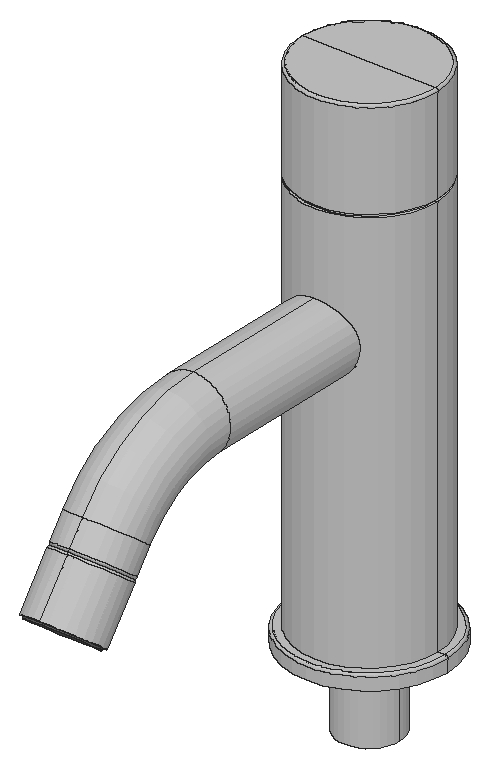
Revit family "Plumbing-Fix_Faucet_Stern_Extreme-Touch", category Plumbing Fixtures, host Face, Revit 2026
Family settings
  Host = Face
  Round Connector Dimension = Use Diameter
  Part Type = Normal
  Classification Number = 23.45.55.14
  Enable Cutting in Views = No
  Cut with Voids When Loaded = No
  Maintain Annotation Orientation = No
  Shared = No
  Room Calculation Point = No
Parameters (values of type "Battery Pack 1.58 GPM")
  Waste Connection = no
  Warranty Duration (Years) = 2
  WFU = 0
  Vent Connection = no
  Unit Width = 0' - 2"
  Unit Height = 0' - 0"
  URL = "http://www.sternfaucets.com/"
  Type Comments = "as Specified"
  Standards Conformance = "as Specified"
  Spout Reach = 0' - 0"
  Spout Height = 0' - 2 1/4"
  Specification = ""
  SpecWizard = ""
  Sales Information = "http://www.sternfaucets.com/contact-us/contact-us-int-l.html"
  Revision = "R1_2018-04"
  Product Properties = ""
  Product Features = "Security Shut Off Timer"
  Product Data = "http://www.arcat.com/arcatcos/cos50/arc50092.html"
  Power Supply = "9V Battery"
  Piping_Inlet Diameter = 3/8"
  Piping_Flow = 0 GPM
  Operating Temperature Range = "Up to 149 F / 65 C"
  Operating Pressure Range = "7.26 - 116 PSI  ;  0.5 - 8 bar"
  Model = "Extreme Touch B"
  Manufacturer Website = "http://www.sternfaucets.com/"
  Manufacturer Phone - Toll Free = "800-436-4410"
  Manufacturer Phone = ""
  Manufacturer Fax = ""
  Manufacturer Address = "777 Passaic Ave.  Clifton, NJ 07012"
  Manufacturer = "Stern Engineering"
  Maintenance Schedule (Months) = 0
  Keynote = "22 40 00"
  Installation Phase = ""
  HWFU = 1
  HW Connection = yes
  Green Building-LEED = ""
  Fixture Finish [instance] = Finish - Stern - Chrome
  Expected Lifespan (Years) = 0
  Drawn By = "Sumex Design, Inc. / Robert S. Weygant, CSI, CDT, SCIP"
  Description = "Stern Deck Mounted Faucet - Extreme Touch B as Specified"
  Default Elevation = 0' - 0"
  Cost = 0
  Copyright = "©Arcat Inc."
  Construction Details = ""
  CWFU = 1
  CW Connection = yes
  Body Construction = ""
  Available Options = "as Specified"
  Assembly Code = "D2010300"
  Accent Color [instance] = Finish - Stern - Black
Types (10): name | Power Supply | Model | Description
  Battery Pack 1.58 GPM | "9V Battery" | "Extreme Touch B" | "Stern Deck Mounted Faucet - Extreme Touch B as Specified"
  Battery Pack 1 GPM | "9V Battery" | "Extreme Touch B" | "Stern Deck Mounted Faucet - Extreme Touch B as Specified"
  Battery Pack 0.8 GPM | "9V Battery" | "Extreme Touch B" | "Stern Deck Mounted Faucet - Extreme Touch B as Specified"
  Battery Pack 0.5 GPM | "9V Battery" | "Extreme Touch B" | "Stern Deck Mounted Faucet - Extreme Touch B as Specified"
  Battery Pack 0.35 GPM | "9V Battery" | "Extreme Touch B" | "Stern Deck Mounted Faucet - Extreme Touch B as Specified"
  Transformer 1.58 GPM | "9V Transformer" | "Extreme Touch E" | "Stern Deck Mounted Faucet - Extreme Touch E as Specified"
  Transformer 1 GPM | "9V Transformer" | "Extreme Touch E" | "Stern Deck Mounted Faucet - Extreme Touch E as Specified"
  Transformer 0.8 GPM | "9V Transformer" | "Extreme Touch E" | "Stern Deck Mounted Faucet - Extreme Touch E as Specified"
  Transformer 0.5 GPM | "9V Transformer" | "Extreme Touch E" | "Stern Deck Mounted Faucet - Extreme Touch E as Specified"
  Transformer 0.35 GPM | "9V Transformer" | "Extreme Touch E" | "Stern Deck Mounted Faucet - Extreme Touch E as Specified"
Reference planes (in)
  plane 1 "Center (Front/Back)": y = 0
  plane 2: z = 0
  plane 3 "Center (Left/Right)": x = 0
  plane 4: y = 0.875
  plane 5: z = 2.25
  plane 6: y = -4.875
Forms (in)
  Revolve 1, solid, material "Finish - Stern - Chrome" <- "Fixture Finish"
    sketch origin (0, 0, 0) x (1, 0, 0) y (0, 0, 1)
      loop
        line (0, 0) -> (0, 6.625) -> (-0.84375, 6.625)
        arc (-0.84375, 6.625) -> (-0.86585, 6.61585) -> (-0.875, 6.59375) r 0.03125
        line (-0.875, 6.59375) -> (-0.875, 5.375) -> (-0.83834, 5.375) -> (-0.83834, 5.33605) -> (-0.875, 5.33605) -> (-0.875, 0.1875) -> (-0.96875, 0.1875)
        arc (-0.96875, 0.1875) -> (-0.99085, 0.17835) -> (-1, 0.15625) r 0.03125
        line (-1, 0.15625) -> (-1, 0) -> (0, 0)
      axis (0, 6.625) -> (0, 0)
    angle from 0 to 360
  Sweep 2, solid, material "Finish - Stern - Chrome" <- "Fixture Finish"
    path origin (0, 0, 0) x (0, 1, 0) y (0, 0, 1)
      loop
        line (-4.875, 2.25) -> (-4.19912, 3.14693)
        arc (-4.19912, 3.14693) -> (-3.58235, 3.65989) -> (-2.80151, 3.84375) r 1.75
        line (-2.80151, 3.84375) -> (0, 3.84375)
    profile origin (0, -4.53706, 2.69846) x (0, -0.798636, 0.601815) y (1, 0, 0)
      loop
        circle (0, 0) r 0.46875
  Extrusion 3, solid, material "Finish - Stern - Black" <- "Accent Color"
    sketch origin (0, -4.875, 2.25) x (0, 0.798636, -0.601815) y (1, 0, 0)
      loop
        circle (0, 0) r 0.42457
    from 0 to 0.02725
  Revolve 4, void
    sketch origin (0, 0, 0) x (0, 1, 0) y (0, 0, 1)
      loop
        arc (-4.81681, 3.10612) -> (-4.7962, 3.11826) -> (-4.77304, 3.11227) r 0.03125
        arc (-4.77304, 3.11227) -> (-4.78518, 3.13288) -> (-4.77919, 3.15603) r 0.03125
        line (-4.77919, 3.15603) -> (-4.81681, 3.10612)
      axis (-4.40483, 2.87393) -> (-4.44245, 2.82402)
    angle from 0 to 360
  Extrusion 5, void
    sketch origin (0, 0, 0) x (1, 0, 0) y (0, 1, 0)
      loop
        circle (0, 0) r 0.625
    from 0 to -8
  Extrusion 6, solid, material "Finish - Stern - Chrome" <- "Fixture Finish"
    sketch origin (0, 0, 0) x (1, 0, 0) y (0, 1, 0)
      loop
        circle (0, 0) r 0.39132
    from 0 to -1
Cuts and joins
  Revolve 4, Extrusion 5 cuts Sweep 2
  Extrusion 5 cuts Revolve 1
Dimensions and locks (in)
  "Spout Height": plane 5 to level
  locked: plane 6 to plane 4 at 5.75
  Revolve 1 sketch curve to Revolve 1 sketch curve to Revolve 1 sketch curve to Revolve 1 sketch curve to level = 0' - 1 1/4" locked, 0' - 0.03895" locked, 0' - 5.14855" locked, 0' - 0 3/16" locked
  Sweep 2 sketch curve to Sweep 2 sketch curve to plane 5 to Sweep 2 sketch curve = 0' - 0.69682" locked, 0' - 0.89693" locked, 0' - 0" locked
  aligned and locked: plane 2 to host face
  aligned and locked: level to host face
Automatic sketch dimensions
  host sketch curve to host sketch curve = 8' - 0"  (x2)
  Revolve 1 sketch curve to level = 0' - 0"
  Revolve 1 sketch curve to plane 3 "Center (Left/Right)" = 0' - 0"  (x2)
  Revolve 1 sketch curve to plane 3 "Center (Left/Right)" = 0' - 0.83834"
  Revolve 1 sketch curve to plane 3 "Center (Left/Right)" = 0' - 0 27/32"
  Revolve 1 sketch curve to Revolve 1 sketch curve = 0' - 0.03666"  (x2)
  Revolve 1 sketch curve to Revolve 1 sketch curve = 0' - 0 3/32"
  Revolve 1 sketch curve to Revolve 1 sketch curve = 0' - 0 1/32"
  Revolve 1 sketch curve to level = 0' - 5 1/4"
  Revolve 1 sketch curve to Revolve 1 sketch curve = 1' - 2 5/8"
  Sweep 2 sketch curve to plane 6 = 0' - 0"
  Sweep 2 sketch curve to plane 1 "Center (Front/Back)" = 0' - 0"
  plane 6 to Sweep 2 sketch curve = 0' - 0.67588"
  Sweep 2 sketch curve to plane 5 = 0' - 0 5/32"
  Sweep 2 sketch curve to plane 3 "Center (Left/Right)" = 0' - 0"
  Sweep 2 sketch curve to profile plane = 0' - 0"
  plane 6 to Revolve 4 sketch curve = 0' - 0.08315"
  Revolve 4 sketch curve to Revolve 4 sketch curve = 0' - 0.03761"
  plane 5 to Revolve 4 sketch curve = 0' - 0.83731"
  Revolve 4 sketch curve to Revolve 4 sketch curve = 0' - 0.04991"
  Revolve 4 sketch curve to Revolve 4 sketch curve = 0' - 0.02496"  (x2)
  Revolve 4 sketch curve to Revolve 4 sketch curve = 0' - 0"  (x6)
  Revolve 4 sketch curve to plane 6 = 0' - 0.18581"
  Revolve 4 sketch curve to Revolve 4 sketch curve = 0' - 0.01881"  (x2)
  Revolve 4 sketch curve to Revolve 4 sketch curve = 0' - 0.3494"
  Revolve 4 sketch curve to Revolve 4 sketch curve = 0' - 0.28825"
  Revolve 4 sketch curve to plane 5 = 0' - 0.24658"
  plane 1 "Center (Front/Back)" to Extrusion 5 sketch curve = 0' - 0"
  Extrusion 5 sketch curve to plane 3 "Center (Left/Right)" = 0' - 0"
  plane 1 "Center (Front/Back)" to Extrusion 6 sketch curve = 0' - 0"
  Extrusion 6 sketch curve to plane 3 "Center (Left/Right)" = 0' - 0"
  radius of Sweep 2 sketch curve = 0' - 0 15/32"
  radius of Extrusion 3 sketch curve to Sweep 2 = 0' - 0.04418"
  radius of Extrusion 5 sketch curve = 0' - 0 5/8"
  radius of Extrusion 6 sketch curve = 0' - 0.39132"
Connectors (in)
  piping at (0, 0, -1), diameter 0.375, driven by "Piping_Flow", driven by "Piping_Inlet Diameter"
    settings: on Extrusion 6, index 2, connector inside diameter 24", connector length 0' - 0", flow factor 0, pipe flow 0 GPM, pressure drop 0.00 psi, fitting loss kfactor 0, connector angle 0.00°, fixture units 0, engagement length 0' - 0", angle of deflection 0.00°, flow configuration 0, flow direction 1, fitting loss method 0, system type 22, joint type 0, gender type 0, connector reference index -1, connector utility 0, adjustable connector no, is connector primary yes, connector description "Tempered Inlet"
  electrical at (0, 0, 0.1875)
    settings: on cut or joined group of Revolve 1, Extrusion 5, index 3, voltage 0 V, apparent load 0 VA, apparent load phase1 0 VA, apparent load phase2 0 VA, apparent load phase3 0 VA, power factor 1, load classification "Other", number of poles 1, system type 13, power factor state 1, is connector primary yes, connector utility no, sub classification motor no, connector description ""
